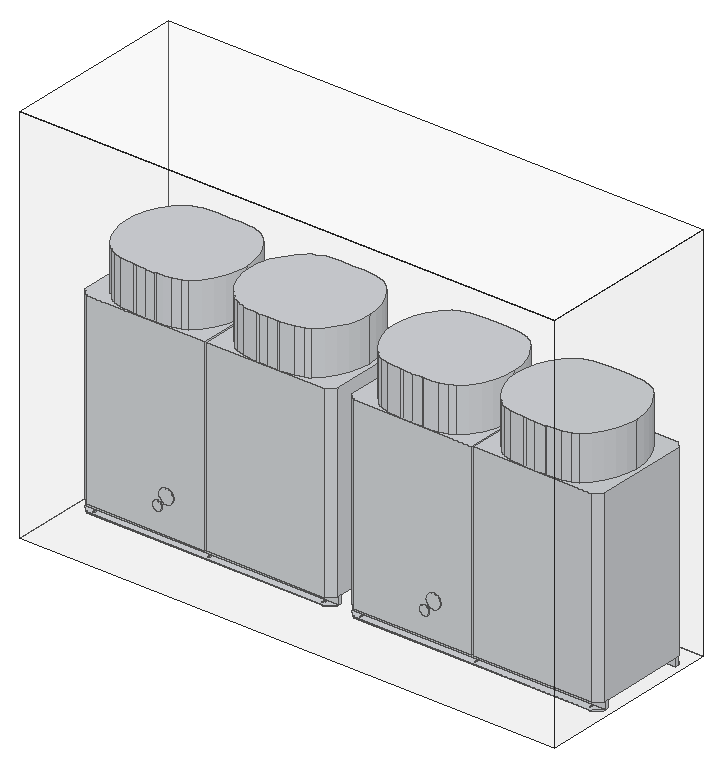
Revit family "pury-sep224_500(s)dmg9_60Hz", category 機械設備, Revit 2019
Family settings
  丸型コネクタ寸法 = 直径を使用
  パーツ タイプ = 標準
  OmniClass 番号 = 23.75.10.24.21.27.27
  OmniClass タイトル = Split System Air Conditioning Units
  作業面ベース = いいえ
  常に垂直 = はい
  ロード時にボイドで切り取り = いいえ
  共有 = いいえ
  部屋計算ポイント = いいえ
Parameters (values of type "PURY-SEP560SDMG9_タイプB")
  風量（m3／min） = 640
  風量 = MAX風量  # 38400.0 m³/h
  音響パワーレベル(dB) = 84.5
  電源種別 = ""
  電源位置2Y（ユニット3） = 121 mm
  電源位置2Y（ユニット2） = 121 mm
  電源位置2Y（ユニット1） = 121 mm
  電源位置2X（ユニット3） = 516 mm
  電源位置2X（ユニット2） = 516 mm
  電源位置2X（ユニット1） = 516 mm
  電源位置1Z（ユニット3） = 217 mm
  電源位置1Z（ユニット2） = 217 mm
  電源位置1Z（ユニット1） = 217 mm
  電源位置1X（ユニット3） = 541 mm
  電源位置1X（ユニット2） = 541 mm
  電源位置1X（ユニット1） = 541 mm
  電圧 = 200 V
  電動機出力_送風機 = 3.68 kW
  電動機出力_圧縮機 = 12 kW
  集中コントローラ [instance] = ""
  運転質量 = 0.00 kg
  運転方法 = "冷暖同時"
  質量 = if(製品質量 > 運転質量, 製品質量, 運転質量) * 1.2  # 758.40 kg
  負荷分類 = 1_熱源類
  説明 = "ビル用マルチエアコン 室外ユニット シティマルチR2 GR 高効率EX 高COP仕様"
  設計暖房能力 [instance] = 0 kW
  設計冷房能力_顕熱 [instance] = 0 kW
  設計冷房能力 [instance] = 0 kW
  設置方法 = "床置形"
  記号 [instance] = ""
  製造元 = "三菱電機株式会社"
  製品質量 = 632.00 kg
  製品出荷対象 = "国内"
  製品リリース年月 = "2024/4/26"
  製品グループ = ""
  系統 [instance] = ""
  符号 = "EHP"
  積算_科目 = "1 空気調和設備"
  積算_拾い区分 [instance] = ""
  相 = 3
  盤記号 [instance] = ""
  発停方法 = "付属スイッチ"
  特殊仕様 [instance] = ""
  消費電力_暖房 = 16.8 kW
  消費電力_冷房 = 17.5 kW
  消費電力 = if(消費電力_冷房 > 消費電力_暖房, 消費電力_冷房, 消費電力_暖房)  # 17.5 kW
  法定耐用年数 = "15"
  極数 = 3
  材質 [instance] = ""
  本体マテリアル = none
  最小電線太さ_mm2 = 100
  最大電流値 = 104.7 A
  暖房能力 = 63 kW
  推奨ブレーカー容量 = 125 A
  据付ピッチ1 = 0 mm
  形式 = "マルチパッケージ形 室外機"
  幹線記号 [instance] = ""
  始動方式 = ""
  呼称 = "マルチパッケージ形空気調和機"
  周波数 = 60 Hz
  参照している仕様書等のバージョン = "公共建築工事標準仕様書（機械設備工事編）平成31年度版"
  分類コード = "50053003300020"
  分類グループ = ""
  冷房能力 = 56 kW
  冷媒管（液）位置2 (ユニット3) = 146 mm
  冷媒管（液）位置2 (ユニット2) = 146 mm
  冷媒管（液）位置1 (ユニット3） = 533 mm
  冷媒管（ガス）位置2 (ユニット3) = 146 mm
  冷媒管（ガス）位置2 (ユニット2) = 146 mm
  冷媒管（ガス）位置1 (ユニット3) = 140 mm
  冷媒管（ガス）位置1 (ユニット1) = 140 mm
  冷媒管（液）位置1 (ユニット1) = 533 mm
  冷媒管（液）位置2 (ユニット1) = 146 mm
  冷媒管（ガス）位置2 (ユニット1) = 146 mm
  冷媒管（ガス）位置1 (ユニット2) = 140 mm
  冷媒管（液）位置1 (ユニット2） = 533 mm
  冷媒管長 [instance] = 0 mm
  冷媒管径符号 = "Fh"
  冷媒管径3 = 100.00 mm
  冷媒管径2 = 100.00 mm
  冷媒管径 = 100.00 mm
  冷媒管位置3 (ユニット3) = 294.5 mm
  冷媒管位置3 (ユニット2) = 294.5 mm
  冷媒管位置3 (ユニット1) = 294.5 mm
  冷媒管位置2 (ユニット3) = 146 mm
  冷媒管位置2 (ユニット2) = 146 mm
  冷媒管位置1 (ユニット2) = 603 mm
  冷媒管位置2 (ユニット1) = 146 mm
  冷媒管位置1 (ユニット3) = 603 mm
  冷媒管位置1 (ユニット1) = 603 mm
  冷媒液管径3 = 19.05 mm
  冷媒液管径2 = 19.05 mm
  冷媒液管径 = 19.05 mm
  冷媒ガス管径3 = 22.20 mm
  冷媒ガス管径2 = 22.20 mm
  冷媒ガス管径 = 22.20 mm
  企業コード = "108420"
  付属品 [instance] = ""
  仕様書バージョン = "Version1.0"
  ユニット隙間 = if(サービススペース_タイプA, 30 mm, 100 mm)  # 100 mm
  ユニット数 = 2
  ユニットタイプ3 = 筐体モジュール.（R2高効率） : 280K筐体
  ユニットタイプ2 = 筐体モジュール.（R2高効率） : 280K筐体
  ユニットタイプ1 = 筐体モジュール.（R2高効率） : 280K筐体
  ユニット3_S = no
  ユニット3_L = no
  ユニット3 = no
  ユニット2_S = no
  ユニット2_L = no
  ユニット2 = yes
  ユニット1_S = no
  ユニット1_L = no
  モデル = "PURY-SEP560SDMG9"
  ドレン管径 = 0.00 mm
  サービススペース_タイプA = no
  サービススペース = yes
  コメント [instance] = ""
  ケーブル種類 = ""
  ケーブルサイズ = 0 mm
  アンカーボルト位置Y（ユニット3） = 681 mm
  アンカーボルト位置Y（ユニット2） = 681 mm
  アンカーボルト位置Y（ユニット1） = 681 mm
  アンカーボルト位置X（ユニット3） = 795 mm
  アンカーボルト位置X（ユニット2） = 795 mm
  アンカーボルト位置X（ユニット1） = 795 mm
  Width3 = 1750 mm
  Width2 = 1750 mm
  Width1 = 1750 mm
  Width = if(ユニット3, Width1 + Width2 + Width3 + 2 * ユニット隙間, if(ユニット2, Width1 + Width2 + 1 * ユニット隙間, Width1))  # 3600 mm
  Version = ""
  Uniclass2015Version = "Systems v1.9"
  Uniclass2015Title = "Split coil remote air cooled condensing units"
  Uniclass2015Code = "Pr_70_65_03_84"
  URL = "https://www.mitsubishielectric.co.jp/ldg/wink/qr/002/331972/"
  SpecificationReference = ""
  SpecificationDescription = ""
  Revision = ""
  ProductInformation = ""
  OmniClassCode = "23-75 10 24 21 27 27"
  OUTLINE2 = outline : outline_XL
  OUTLINE1 = outline : outline_XL
  MAX風量 = 風量（m3／min） * 60.0 m³/h  # 38400.0 m³/h
  IfcTypeProduct = ""
  IfcProduct = ""
  IfcExportType = "AIRCONDITIONINGUNIT"
  IfcExportAs = "IfcUnitaryEquipmentType"
  Height = 1650 mm
  Depth = 740 mm
  Clearance Top [instance] = if(サービススペース_タイプA, 1000 mm, 1000 mm)  # 1000 mm
  Clearance Right [instance] = if(サービススペース_タイプA, 15 mm, 50 mm)  # 50 mm
  Clearance Left [instance] = if(サービススペース_タイプA, 15 mm, 50 mm)  # 50 mm
  Clearance Front [instance] = if(サービススペース_タイプA, 450 mm, 450 mm)  # 450 mm
  Clearance Back [instance] = if(サービススペース_タイプA, 300 mm, 100 mm)  # 100 mm
  COP = 0
  Author = "三菱電機株式会社"
  APF = 0
Reference planes
  plane 1 "中心(正面/背面)": y = 0
  plane 2: z = 0
  plane 3 "中心(左/右)": x = 890
  plane 4 "右": x = 2690
  plane 5 "左": x = -910
  plane 6 "背面": y = 370
  plane 7 "正面": y = -370
  plane 8: z = 1347
  plane 9 "上部": z = 1650
  plane 10 "Clearanse Top": z = 2650
  plane 11: x = -2157
  plane 12 "冷媒操作弁ガス芯2": y = -224
  plane 13 "冷媒操作弁液芯2": y = -224
  plane 14 "SS_back": y = 470
  plane 15 "SS_front": y = -820
  plane 16 "SS_left": x = -960
  plane 17 "SS_right": x = 2740
  plane 18: x = -1010
  plane 19: x = -910
  plane 20: x = 840
  plane 21: x = 940
  plane 22: x = -2760
  plane 23: x = -307
  plane 24: x = 1543
  plane 25: x = -1885
  plane 26: x = -35
  plane 27: x = 1815
  plane 28: z = 53
  plane 29: z = 294.5
  plane 30: y = -224
  plane 31: z = 54
  plane 32: z = 294.5
  plane 33: z = 294.5
  plane 34: x = 1456
  plane 35: x = 1481
  plane 36: x = -394
  plane 37: x = -369
  plane 38: y = -249
  plane 39: y = -249
  plane 40: y = -249
  plane 41: z = 217
  plane 42: z = 217
  plane 43: z = 217
  plane 44: through (-234.102, -234.715, 1200) normal (0.7071, 0.7071, 0)
Forms (mm)
  Extrusion 1, solid, detail levels fine
    sketch origin (0, -370, 0) x (1, 0, 0) y (0, 0, 1)
      loop
        circle (1543, 294.5) r 50
    from 0 to 1
  Extrusion 2, solid, visible <- "ユニット2", detail levels fine
    sketch origin (0, -370, 0) x (1, 0, 0) y (0, 0, 1)
      loop
        circle (-307, 294.5) r 50
    from 0 to 1
  Extrusion 3, solid, detail levels fine
    sketch origin (-1437.329, -1524, 54) x (-1, 0, 0) y (0, -1, 0)
      loop
        circle (-2980.329, -1300) r 50
    from 0 to -1
  Extrusion 4, solid, visible <- "ユニット2", detail levels fine
    sketch origin (-1437.329, -1524, 54) x (-1, 0, 0) y (0, -1, 0)
      loop
        circle (-1130.329, -1300) r 50
    from 0 to -1
  Extrusion 5, solid, detail levels fine
    sketch origin (-1437.329, -1524, 54) x (-1, 0, 0) y (0, -1, 0)
      loop
        circle (-2893.329, -1275) r 32.5
    from -1 to 0
  Extrusion 6, solid, visible <- "ユニット2", detail levels fine
    sketch origin (-1437.329, -1524, 54) x (-1, 0, 0) y (0, -1, 0)
      loop
        circle (-1043.329, -1275) r 32.5
    from -1 to 0
  Extrusion 7, solid, detail levels fine
    sketch origin (0, -370, 0) x (1, 0, 0) y (0, 0, 1)
      loop
        circle (1481, 217) r 32.5
    from 0 to 1
  Extrusion 8, solid, visible <- "ユニット2", detail levels fine
    sketch origin (0, -370, 0) x (1, 0, 0) y (0, 0, 1)
      loop
        circle (-369, 217) r 32.5
    from 0 to 1
Lines and regions (mm)
  model lines, not visible
    curve 1: line (460, 178.667, 1289.179) -> (460, 297.73, 1289.179)
    curve 2: line (460, 178.667, 1056.056) -> (460, 178.667, 1289.179)
    curve 3: line (460, 297.73, 1056.056) -> (460, 178.667, 1056.056)
    curve 4: line (460, 297.73, 1289.179) -> (460, 297.73, 1056.056)
    curve 5: line (460, 47.598, 1289.179) -> (460, 166.661, 1289.179)
    curve 6: line (460, 47.598, 1056.056) -> (460, 47.598, 1289.179)
    curve 7: line (460, 166.661, 1056.056) -> (460, 47.598, 1056.056)
    curve 8: line (460, 166.661, 1289.179) -> (460, 166.661, 1056.056)
    curve 9: line (460, -83.471, 1289.179) -> (460, 35.592, 1289.179)
    curve 10: line (460, -83.471, 1056.056) -> (460, -83.471, 1289.179)
    curve 11: line (460, 35.592, 1056.056) -> (460, -83.471, 1056.056)
    curve 12: line (460, 35.592, 1289.179) -> (460, 35.592, 1056.056)
    curve 13: line (460, -150.779, 1289.179) -> (460, -95.75, 1289.179)
    curve 14: line (460, -150.779, 1056.056) -> (460, -150.779, 1289.179)
    curve 15: line (460, -95.75, 1056.056) -> (460, -150.779, 1056.056)
    curve 16: line (460, -95.75, 1289.179) -> (460, -95.75, 1056.056)
    curve 17: line (460, -150.779, 1283.175) -> (460, -132.596, 1283.175)
    curve 18: line (460, -150.779, 1062.059) -> (460, -150.779, 1283.175)
    curve 19: line (460, -132.596, 1062.059) -> (460, -150.779, 1062.059)
    curve 20: line (460, -132.596, 1283.175) -> (460, -132.596, 1062.059)
    curve 21: line (460, 178.667, 1046.051) -> (460, 297.73, 1046.051)
    curve 22: line (460, 178.667, 812.928) -> (460, 178.667, 1046.051)
    curve 23: line (460, 297.73, 812.928) -> (460, 178.667, 812.928)
    curve 24: line (460, 297.73, 1046.051) -> (460, 297.73, 812.928)
    curve 25: line (460, 47.598, 1046.051) -> (460, 166.661, 1046.051)
    curve 26: line (460, 47.598, 812.928) -> (460, 47.598, 1046.051)
    curve 27: line (460, 166.661, 812.928) -> (460, 47.598, 812.928)
    curve 28: line (460, 166.661, 1046.051) -> (460, 166.661, 812.928)
    curve 29: line (460, -83.471, 1046.051) -> (460, 35.592, 1046.051)
    curve 30: line (460, -83.471, 812.928) -> (460, -83.471, 1046.051)
    curve 31: line (460, 35.592, 812.928) -> (460, -83.471, 812.928)
    curve 32: line (460, 35.592, 1046.051) -> (460, 35.592, 812.928)
    curve 33: line (460, -150.779, 1046.051) -> (460, -95.75, 1046.051)
    curve 34: line (460, -150.779, 812.928) -> (460, -150.779, 1046.051)
    curve 35: line (460, -95.75, 812.928) -> (460, -150.779, 812.928)
    curve 36: line (460, -95.75, 1046.051) -> (460, -95.75, 812.928)
    curve 37: line (460, -150.779, 1040.048) -> (460, -132.596, 1040.048)
    curve 38: line (460, -150.779, 818.931) -> (460, -150.779, 1040.048)
    curve 39: line (460, -132.596, 818.931) -> (460, -150.779, 818.931)
    curve 40: line (460, -132.596, 1040.048) -> (460, -132.596, 818.931)
    curve 41: line (460, 178.667, 802.923) -> (460, 297.73, 802.923)
    curve 42: line (460, 178.667, 569.8) -> (460, 178.667, 802.923)
    curve 43: line (460, 297.73, 569.8) -> (460, 178.667, 569.8)
    curve 44: line (460, 297.73, 802.923) -> (460, 297.73, 569.8)
    curve 45: line (460, 47.598, 802.923) -> (460, 166.661, 802.923)
    curve 46: line (460, 47.598, 569.8) -> (460, 47.598, 802.923)
    curve 47: line (460, 166.661, 569.8) -> (460, 47.598, 569.8)
    curve 48: line (460, 166.661, 802.923) -> (460, 166.661, 569.8)
    curve 49: line (460, -83.471, 802.923) -> (460, 35.592, 802.923)
    curve 50: line (460, -83.471, 569.8) -> (460, -83.471, 802.923)
    curve 51: line (460, 35.592, 569.8) -> (460, -83.471, 569.8)
    curve 52: line (460, 35.592, 802.923) -> (460, 35.592, 569.8)
    curve 53: line (460, -150.779, 802.923) -> (460, -95.75, 802.923)
    curve 54: line (460, -150.779, 569.8) -> (460, -150.779, 802.923)
    curve 55: line (460, -95.75, 569.8) -> (460, -150.779, 569.8)
    curve 56: line (460, -95.75, 802.923) -> (460, -95.75, 569.8)
    curve 57: line (460, -150.779, 796.92) -> (460, -132.596, 796.92)
    curve 58: line (460, -150.779, 575.803) -> (460, -150.779, 796.92)
    curve 59: line (460, -132.596, 575.803) -> (460, -150.779, 575.803)
    curve 60: line (460, -132.596, 796.92) -> (460, -132.596, 575.803)
    curve 61: line (460, 178.667, 559.795) -> (460, 297.73, 559.795)
    curve 62: line (460, 178.667, 326.672) -> (460, 178.667, 559.795)
    curve 63: line (460, 297.73, 326.672) -> (460, 178.667, 326.672)
    curve 64: line (460, 297.73, 559.795) -> (460, 297.73, 326.672)
    curve 65: line (460, 47.598, 559.795) -> (460, 166.661, 559.795)
    curve 66: line (460, 47.598, 326.672) -> (460, 47.598, 559.795)
    curve 67: line (460, 166.661, 326.672) -> (460, 47.598, 326.672)
    curve 68: line (460, 166.661, 559.795) -> (460, 166.661, 326.672)
    curve 69: line (460, -83.471, 559.795) -> (460, 35.592, 559.795)
    curve 70: line (460, -83.471, 326.672) -> (460, -83.471, 559.795)
    curve 71: line (460, 35.592, 326.672) -> (460, -83.471, 326.672)
    curve 72: line (460, 35.592, 559.795) -> (460, 35.592, 326.672)
    curve 73: line (460, -150.779, 559.795) -> (460, -95.75, 559.795)
    curve 74: line (460, -150.779, 326.672) -> (460, -150.779, 559.795)
    curve 75: line (460, -95.75, 326.672) -> (460, -150.779, 326.672)
    curve 76: line (460, -95.75, 559.795) -> (460, -95.75, 326.672)
    curve 77: line (460, -150.779, 553.792) -> (460, -132.596, 553.792)
    curve 78: line (460, -150.779, 332.675) -> (460, -150.779, 553.792)
    curve 79: line (460, -132.596, 332.675) -> (460, -150.779, 332.675)
    curve 80: line (460, -132.596, 553.792) -> (460, -132.596, 332.675)
    curve 81: line (460, 178.667, 316.667) -> (460, 297.73, 316.667)
    curve 82: line (460, 178.667, 83.544) -> (460, 178.667, 316.667)
    curve 83: line (460, 297.73, 83.544) -> (460, 178.667, 83.544)
    curve 84: line (460, 297.73, 316.667) -> (460, 297.73, 83.544)
    curve 85: line (460, 47.598, 316.667) -> (460, 166.661, 316.667)
    curve 86: line (460, 47.598, 83.544) -> (460, 47.598, 316.667)
    curve 87: line (460, 166.661, 83.544) -> (460, 47.598, 83.544)
    curve 88: line (460, 166.661, 316.667) -> (460, 166.661, 83.544)
    curve 89: line (460, -83.471, 316.667) -> (460, 35.592, 316.667)
    curve 90: line (460, -83.471, 83.544) -> (460, -83.471, 316.667)
    curve 91: line (460, 35.592, 83.544) -> (460, -83.471, 83.544)
    curve 92: line (460, 35.592, 316.667) -> (460, 35.592, 83.544)
    curve 93: line (460, -150.779, 316.667) -> (460, -95.75, 316.667)
    curve 94: line (460, -150.779, 83.544) -> (460, -150.779, 316.667)
    curve 95: line (460, -95.75, 83.544) -> (460, -150.779, 83.544)
    curve 96: line (460, -95.75, 316.667) -> (460, -95.75, 83.544)
    curve 97: line (460, -150.779, 310.664) -> (460, -132.596, 310.664)
    curve 98: line (460, -150.779, 89.547) -> (460, -150.779, 310.664)
    curve 99: line (460, -132.596, 89.547) -> (460, -150.779, 89.547)
    curve 100: line (460, -132.596, 310.664) -> (460, -132.596, 89.547)
Dimensions and locks
  plane 8 to level = 1347 mm
  equal spacing: plane 7 "正面", plane 1 "中心(正面/背面)", plane 6 "背面", locked at 370 each
  "Depth": plane 7 "正面" to plane 6 "背面"
  "Width": plane 5 "左" to plane 4 "右"
  equal spacing: plane 5 "左", plane 3 "中心(左/右)", plane 4 "右"
  "冷媒管位置2 (ユニット3)": plane 7 "正面" to plane 13 "冷媒操作弁液芯2"
  "冷媒管位置2 (ユニット2)": plane 7 "正面" to plane 12 "冷媒操作弁ガス芯2"
  "Clearance Left": plane 16 "SS_left" to plane 5 "左"
  "Clearance Right": plane 4 "右" to plane 17 "SS_right"
  "Clearance Back": plane 6 "背面" to plane 14 "SS_back"
  "Clearance Front": plane 15 "SS_front" to plane 7 "正面"
  "Clearance Top": plane 10 "Clearanse Top" to plane 9 "上部"
  "Height": plane 9 "上部" to plane 2
  plane 9 "上部" to plane 8 = 303 mm
  "ユニット隙間": plane 18 to plane 19
  "Width2": plane 19 to plane 20
  "ユニット隙間": plane 20 to plane 21
  "Width3": plane 22 to plane 18
  "Width1": plane 21 to plane 4 "右"
  "冷媒管位置1 (ユニット2)": plane 19 to plane 23
  "冷媒管位置1 (ユニット1)": plane 21 to plane 24
  "冷媒管位置1 (ユニット3)": plane 22 to plane 11
  equal spacing: plane 22, plane 25, plane 18
  equal spacing: plane 19, plane 26, plane 20
  equal spacing: plane 21, plane 27, plane 4 "右"
  "冷媒管位置2 (ユニット1)": plane 7 "正面" to plane 30
  plane 31 to level = 54 mm
  "冷媒管位置3 (ユニット1)": plane 29 to level
  locked: plane 31 to plane 28 at 1
  "冷媒管位置3 (ユニット2)": plane 32 to level
  "冷媒管位置3 (ユニット3)": plane 33 to level
  "電源位置2X（ユニット2）": plane 19 to plane 36
  "電源位置2X（ユニット1）": plane 21 to plane 34
  "電源位置2Y（ユニット1）": plane 7 "正面" to plane 38
  "電源位置2Y（ユニット2）": plane 7 "正面" to plane 39
  "電源位置2Y（ユニット3）": plane 7 "正面" to plane 40
  "電源位置1X（ユニット1）": plane 35 to plane 21
  "電源位置1X（ユニット2）": plane 37 to plane 19
  "電源位置1Z（ユニット1）": plane 43 to level
  "電源位置1Z（ユニット2）": plane 42 to level
  "電源位置1Z（ユニット3）": plane 41 to level
  "冷媒管径": diameter of Extrusion 1 sketch curve
  "冷媒管径2": diameter of Extrusion 2 sketch curve
  "冷媒管径": diameter of Extrusion 3 sketch curve
  "冷媒管径2": diameter of Extrusion 4 sketch curve
  radius of Extrusion 5 sketch curve = 32.5 mm
  radius of Extrusion 6 sketch curve = 32.5 mm
  radius of Extrusion 7 sketch curve = 32.5 mm
  aligned and locked: level to plane 2
  aligned and locked: plane 14 "SS_back" to nested 1  (x2)
  aligned and locked: plane 17 "SS_right" to nested 1
  aligned and locked: plane 16 "SS_left" to nested 1  (x2)
  aligned and locked: nested 1 to plane 17 "SS_right"
  aligned and locked: plane 15 "SS_front" to nested 1
  aligned and locked: nested 2 to plane 1 "中心(正面/背面)"
  aligned and locked: plane 10 "Clearanse Top" to nested 1
  aligned and locked: nested 1 to plane 2
  aligned and locked: plane 25 to nested 2
  aligned and locked: plane 29 to Extrusion 1 sketch curve
  aligned and locked: plane 24 to Extrusion 1 sketch curve
  aligned and locked: plane 23 to Extrusion 2 sketch curve
  aligned and locked: plane 30 to Extrusion 3 sketch curve
  aligned and locked: plane 24 to Extrusion 3 sketch curve
  aligned and locked: plane 12 "冷媒操作弁ガス芯2" to Extrusion 4 sketch curve
  aligned and locked: plane 23 to Extrusion 4 sketch curve
  aligned and locked: plane 32 to Extrusion 2 sketch curve
  aligned and locked: plane 34 to Extrusion 5 sketch curve
  aligned and locked: plane 38 to Extrusion 5 sketch curve
  aligned and locked: plane 31 to Extrusion 5
  aligned and locked: Extrusion 5 to plane 28
  aligned and locked: plane 36 to Extrusion 6 sketch curve
  aligned and locked: plane 39 to Extrusion 6 sketch curve
  aligned and locked: plane 31 to Extrusion 6
  aligned and locked: Extrusion 6 to plane 28
  aligned and locked: plane 35 to Extrusion 7 sketch curve
  aligned and locked: plane 43 to Extrusion 7 sketch curve
  aligned and locked: plane 42 to Extrusion 8 sketch curve
  aligned and locked: plane 37 to Extrusion 8 sketch curve
  aligned and locked: Extrusion 8 to plane 7 "正面"
  aligned and locked: Extrusion 7 to plane 7 "正面"
  aligned and locked: Extrusion 8 to Extrusion 2
  aligned and locked: Extrusion 7 to Extrusion 1
  aligned and locked: plane 26 to nested 4
  aligned and locked: plane 27 to nested 5
  aligned and locked: plane 27 to nested 3
  aligned and locked: plane 26 to nested 6
  aligned and locked: plane 1 "中心(正面/背面)" to nested 6
Automatic sketch dimensions
  radius of Extrusion 8 sketch curve = 32.5 mm
Nested families
  nested 1: "サービススペース" at (890, -175, 1325), visible <- "サービススペース", type "サービススペース"
    with Width 3700 mm, Height 2650 mm, Depth 1290 mm
  nested 2: "筐体モジュール.（R2高効率）" at (-1885, 0, 0), 冷媒ガス管径 <- "冷媒ガス管径3", 冷媒液管径 <- "冷媒液管径3", Width <- "Width3", Depth <- "Depth", Height <- "Height", type <- "ユニットタイプ3", 冷媒ガス_X <- "冷媒管（ガス）位置1 (ユニット3)", 冷媒ガス_Y <- "冷媒管（ガス）位置2 (ユニット3)", 冷媒液_X <- "冷媒管（液）位置1 (ユニット3）", 冷媒液_Y <- "冷媒管（液）位置2 (ユニット3)", 冷媒管径 <- "冷媒管径3", 冷媒管径_X <- "冷媒管位置1 (ユニット3)", 冷媒管径_Y <- "冷媒管位置2 (ユニット3)", 冷媒管径_Z <- "冷媒管位置3 (ユニット3)", ユニット2 <- "ユニット3", type "280K筐体"
    with 冷媒管径_Z 294.5 mm, 冷媒管径_Y 146 mm, 冷媒管径_X 603 mm, 冷媒管径 100 mm, 冷媒液管径 19.05 mm, 冷媒液_Z 327 mm, 冷媒液_Y 146 mm, 冷媒液_X 533 mm, 冷媒ガス管径 22.2 mm, 冷媒ガス_Z 262 mm, 冷媒ガス_Y 146 mm, 冷媒ガス_X 140 mm, ユニット4X no, ユニット2 no, Width 1750 mm, Height 1650 mm, Depth 740 mm
  nested 3: "筐体モジュール.（R2高効率）" at (1815, 0, 0), type <- "ユニットタイプ1", 冷媒管径_X <- "冷媒管位置1 (ユニット1)", Width <- "Width1", 冷媒ガス管径 <- "冷媒ガス管径", 冷媒液管径 <- "冷媒液管径", 冷媒液_X <- "冷媒管（液）位置1 (ユニット1)", type "280K筐体", detail levels fine
    with 冷媒管径_Z 294.5 mm, 冷媒管径_Y 146 mm, 冷媒管径_X 603 mm, 冷媒管径 100 mm, 冷媒液管径 19.05 mm, 冷媒液_Z 327 mm, 冷媒液_Y 146 mm, 冷媒液_X 533 mm, 冷媒ガス管径 22.2 mm, 冷媒ガス_Z 262 mm, 冷媒ガス_Y 146 mm, 冷媒ガス_X 140 mm, ユニット4X yes, ユニット2 yes, Width 1750 mm, Height 1650 mm, Depth 740 mm
  nested 4: "outline" at (-35, 0, 0), ユニット2 <- "ユニット2", type <- "OUTLINE2", type "outline_XL", detail levels coarse+medium
    with ユニット4X no, ユニット2 yes, Width 920 mm, Height 1650 mm, Depth 740 mm
  nested 5: "outline" at (1815, 0, 0), type <- "OUTLINE1", type "outline_XL", detail levels coarse+medium
    with ユニット4X no, ユニット2 yes, Width 1220 mm, Height 1650 mm, Depth 740 mm
  nested 6: "筐体モジュール.（R2高効率）" at (-35, 0, 0), type <- "ユニットタイプ2", ユニット2 <- "ユニット2", Width <- "Width2", 冷媒ガス管径 <- "冷媒ガス管径2", 冷媒液管径 <- "冷媒液管径2", 冷媒管径_X <- "冷媒管位置1 (ユニット2)", 冷媒液_X <- "冷媒管（液）位置1 (ユニット2）", type "280K筐体"
    with 冷媒管径_Z 294.5 mm, 冷媒管径_Y 146 mm, 冷媒管径_X 603 mm, 冷媒管径 100 mm, 冷媒液管径 19.05 mm, 冷媒液_Z 327 mm, 冷媒液_Y 146 mm, 冷媒液_X 533 mm, 冷媒ガス管径 22.2 mm, 冷媒ガス_Z 262 mm, 冷媒ガス_Y 146 mm, 冷媒ガス_X 140 mm, ユニット4X yes, ユニット2 yes, Width 1750 mm, Height 1650 mm, Depth 740 mm
Connectors
  piping at (1543, -224, 53), diameter 100, driven by "冷媒管径", driven by "冷媒管径符号"
    settings: on Extrusion 3, index 7, connector inside diameter 609.60 mm, connector length 0 mm, flow factor 0, pipe flow 0.0 L/s, pressure drop 0.0 Pa, fitting loss kfactor 0, connector angle 0.00°, fixture units 0, engagement length 0 mm, angle of deflection 0.00°, flow configuration 1, flow direction 2, fitting loss method 4, system type 7, joint type 0, gender type 0, connector reference index -1, connector utility 0, adjustable connector no, is connector primary yes, connector description "Fh"
  piping at (-307, -224, 53), diameter 100, driven by "冷媒管径2", driven by "冷媒管径符号"
    settings: on Extrusion 4, index 8, connector inside diameter 609.60 mm, connector length 0 mm, flow factor 0, pipe flow 0.0 L/s, pressure drop 0.0 Pa, fitting loss kfactor 0, connector angle 0.00°, fixture units 0, engagement length 0 mm, angle of deflection 0.00°, flow configuration 1, flow direction 2, fitting loss method 4, system type 7, joint type 0, gender type 0, connector reference index -1, connector utility 0, adjustable connector no, is connector primary no, connector description "Fh"
  piping at (-307, -371, 294.5), diameter 100, driven by "冷媒管径2", driven by "冷媒管径符号"
    settings: on Extrusion 2, index 10, connector inside diameter 609.60 mm, connector length 0 mm, flow factor 0, pipe flow 0.0 L/s, pressure drop 0.0 Pa, fitting loss kfactor 0, connector angle 0.00°, fixture units 0, engagement length 0 mm, angle of deflection 0.00°, flow configuration 1, flow direction 2, fitting loss method 4, system type 7, joint type 0, gender type 0, connector reference index -1, connector utility 0, adjustable connector no, is connector primary no, connector description "Fh"
  piping at (1543, -371, 294.5), diameter 100, driven by "冷媒管径", driven by "冷媒管径符号"
    settings: on Extrusion 1, index 11, connector inside diameter 609.60 mm, connector length 0 mm, flow factor 0, pipe flow 0.0 L/s, pressure drop 0.0 Pa, fitting loss kfactor 0, connector angle 0.00°, fixture units 0, engagement length 0 mm, angle of deflection 0.00°, flow configuration 1, flow direction 2, fitting loss method 4, system type 7, joint type 0, gender type 0, connector reference index -1, connector utility 0, adjustable connector no, is connector primary no, connector description "Fh"
  electrical at (-369, -371, 217), driven by "極数", driven by "負荷分類", driven by "電圧", driven by "消費電力"
    settings: on Extrusion 8, index 12, voltage 200 V, apparent load 17500 VA, apparent load phase1 0 VA, apparent load phase2 0 VA, apparent load phase3 0 VA, power factor 1, load classification "1_熱源類", number of poles 3, system type 30, power factor state 1, is connector primary yes, connector utility no, sub classification motor no, connector description ""
  electrical at (1481, -371, 217), driven by "極数", driven by "負荷分類", driven by "電圧", driven by "消費電力"
    settings: on Extrusion 7, index 13, voltage 200 V, apparent load 17500 VA, apparent load phase1 0 VA, apparent load phase2 0 VA, apparent load phase3 0 VA, power factor 1, load classification "1_熱源類", number of poles 3, system type 30, power factor state 1, is connector primary no, connector utility no, sub classification motor no, connector description ""
  electrical at (1456, -249, 53), driven by "極数", driven by "負荷分類", driven by "電圧", driven by "消費電力"
    settings: on Extrusion 5, index 14, voltage 200 V, apparent load 17500 VA, apparent load phase1 0 VA, apparent load phase2 0 VA, apparent load phase3 0 VA, power factor 1, load classification "1_熱源類", number of poles 3, system type 30, power factor state 1, is connector primary no, connector utility no, sub classification motor no, connector description ""
  electrical at (-394, -249, 53), driven by "極数", driven by "負荷分類", driven by "電圧", driven by "消費電力"
    settings: on Extrusion 6, index 15, voltage 200 V, apparent load 17500 VA, apparent load phase1 0 VA, apparent load phase2 0 VA, apparent load phase3 0 VA, power factor 1, load classification "1_熱源類", number of poles 3, system type 30, power factor state 1, is connector primary no, connector utility no, sub classification motor no, connector description ""
Definition of nested family "サービススペース"
  Parameters (values of type "サービススペース")
    Width [instance] = 500 mm
    Height [instance] = 500 mm
    Depth [instance] = 500 mm
  Reference planes
    plane 1 "中心(正面/背面)": y = 0
    plane 2: z = 0
    plane 3 "中心(左/右)": x = 0
    plane 4: y = -250
    plane 5: x = 250
    plane 6: y = 250
    plane 7: x = -250
    plane 8: z = 250
    plane 9: z = -250
  Forms (mm)
    Extrusion 1, solid
      sketch origin (-638.939, 0, 72.39) x (1, 0, 0) y (0, 1, 0)
        loop
          line (388.939, 250) -> (388.939, -250) -> (888.939, -250) -> (888.939, 250) -> (388.939, 250)
      from -322.39 to 177.61
  Lines and regions (mm)
    symbolic lines
      curve 1: line (-250, 0, 250) -> (250, 0, 250)
      curve 2: line (-250, 0, -250) -> (-250, 0, 250)
      curve 3: line (250, 0, -250) -> (-250, 0, -250)
      curve 4: line (250, 0, 250) -> (250, 0, -250)
      curve 5: line (0, -250, 250) -> (0, 250, 250)
      curve 6: line (0, -250, -250) -> (0, -250, 250)
      curve 7: line (0, 250, -250) -> (0, -250, -250)
      curve 8: line (0, 250, 250) -> (0, 250, -250)
      curve 9: line (-250, 250, 0) -> (250, 250, 0)
      curve 10: line (-250, -250, 0) -> (-250, 250, 0)
      curve 11: line (250, -250, 0) -> (-250, -250, 0)
      curve 12: line (250, 250, 0) -> (250, -250, 0)
  Dimensions and locks
    equal spacing: plane 7, plane 3 "中心(左/右)", plane 5
    equal spacing: plane 4, plane 1 "中心(正面/背面)", plane 6
    "Depth": plane 4 to plane 6
    "Width": plane 7 to plane 5
    equal spacing: plane 8, plane 2, plane 9
    "Height": plane 8 to plane 9
    aligned and locked: plane 9 to curve 3
    aligned and locked: plane 7 to curve 2
    aligned and locked: curve 4 to plane 5
    aligned and locked: plane 5 to Extrusion 1
    aligned and locked: Extrusion 1 to plane 7
    aligned and locked: Extrusion 1 to plane 9
    aligned and locked: plane 8 to Extrusion 1
    aligned and locked: plane 9 to curve 7
  Automatic sketch dimensions
    plane 4 to Extrusion 1 sketch curve = 0 mm
    Extrusion 1 sketch curve to plane 7 = 0 mm
    Extrusion 1 sketch curve to plane 5 = 0 mm
    plane 6 to Extrusion 1 sketch curve = 0 mm
    curve 2 to plane 8 = 0 mm
    plane 4 to curve 11 = 0 mm
    curve 11 to plane 7 = 0 mm
    curve 11 to plane 5 = 0 mm
    plane 6 to curve 10 = 0 mm
    curve 7 to plane 4 = 0 mm
    curve 7 to plane 6 = 0 mm
    curve 6 to plane 8 = 0 mm
Definition of nested family "筐体モジュール.（R2高効率）"
  Parameters (values of type "280K筐体")
    冷媒管径_Z [instance] = 294.5 mm
    冷媒管径_Y [instance] = 146 mm
    冷媒管径_X [instance] = 603 mm
    冷媒管径 [instance] = 100 mm
    冷媒液管径 [instance] = 22.2 mm
    冷媒液_Z [instance] = 327 mm
    冷媒液_Y [instance] = 146 mm
    冷媒液_X [instance] = 533 mm
    冷媒ガス管径 [instance] = 28.58 mm
    冷媒ガス_Z [instance] = 262 mm
    冷媒ガス_Y [instance] = 146 mm
    冷媒ガス_X [instance] = 140 mm
    ユニット4X [instance] = and(ユニット2, Width = 1750 mm)  # yes
    ユニット2 [instance] = yes
    Width [instance] = 1750 mm
    W = 1750 mm
    Height [instance] = 1650 mm
    Depth [instance] = 740 mm
  Reference planes
    plane 1 "中心(正面/背面)": y = 0
    plane 2: z = 0
    plane 3 "中心(左/右)": x = 0
    plane 4: y = -370
    plane 5: y = 370
    plane 6: x = -875
    plane 7: z = 1347
    plane 8: z = 1650
    plane 9: y = -313
    plane 10: y = -293
    plane 11 "本体下部": z = 54
    plane 12: y = 370
    plane 13: y = 313
    plane 14: y = 293
    plane 15: y = 340.5
    plane 16: x = -795
    plane 17: y = -340.5
    plane 18 "電源高さ": z = 327
    plane 19 "冷媒管高さ": z = 294.5
    plane 20 "冷媒操作弁ガス芯4": z = 53
    plane 21: x = 875
    plane 22: x = -875
    plane 23: x = 875
    plane 24: x = -342
    plane 25: x = -272
    plane 26: x = -202
    plane 27: y = -224
    plane 28: y = -224
    plane 29: y = -224
    plane 30: z = 262
    plane 31: x = 795
  Forms (mm)
    Extrusion 1, solid, visible <- "ユニット4X", detail levels fine
      sketch origin (-460, 0, 0) x (1, 0, 0) y (0, 1, 0)
        loop
          line (-415, -320.583) -> (-365.583, -370) -> (455.244, -370) -> (455.244, 370) -> (-365.831, 370) -> (-415, 320.831) -> (-415, -320.583)
        loop
          line (464.756, 370) -> (464.756, -370) -> (1285.583, -370) -> (1335, -320.583) -> (1335, 320.831) -> (1285.831, 370) -> (464.756, 370)
      from 54 to 1347
    Extrusion 2, solid, visible <- "ユニット4X", detail levels fine
      sketch origin (-460, 0, 0) x (1, 0, 0) y (0, 1, 0)
        loop
          line (-415, -293) -> (-415, -313) -> (1335, -313) -> (1335, -293) -> (-415, -293)
      from 0 to 54
    Extrusion 3, solid, visible <- "ユニット4X", detail levels fine
      sketch origin (-460, 0, 0) x (1, 0, 0) y (0, 1, 0)
        loop
          line (-415, 293) -> (1335, 293) -> (1335, 313) -> (-415, 313) -> (-415, 293)
      from 0 to 54
    Extrusion 4, solid, visible <- "ユニット4X", detail levels fine
      sketch origin (-460, 0, 0) x (1, 0, 0) y (0, 1, 0)
        loop
          line (-415, -313) -> (-415, -320.583) -> (-365.583, -370) -> (1285.583, -370) -> (1335, -320.583) -> (1335, -313) -> (-415, -313)
        loop
          line (-328, -343.5) -> (-328, -337.5)
          arc (-328, -337.5) -> (-335, -330.5) -> (-342, -337.5) r 7
          line (-342, -337.5) -> (-342, -343.5)
          arc (-342, -343.5) -> (-335, -350.5) -> (-328, -343.5) r 7
        loop
          arc (1248, -343.5) -> (1255, -350.5) -> (1262, -343.5) r 7
          line (1262, -343.5) -> (1262, -337.5)
          arc (1262, -337.5) -> (1255, -330.5) -> (1248, -337.5) r 7
          line (1248, -337.5) -> (1248, -343.5)
        loop
          line (467, -343.5) -> (467, -337.5)
          arc (467, -337.5) -> (460, -330.5) -> (453, -337.5) r 7
          line (453, -337.5) -> (453, -343.5)
          arc (453, -343.5) -> (460, -350.5) -> (467, -343.5) r 7
      from 0 to 2
    Extrusion 5, solid, visible <- "ユニット4X", detail levels fine
      sketch origin (-759.5, 0, -2.5) x (1, 0, 0) y (0, 0, 1)
        loop
          circle (487.5, 297) r 50
      from 370 to 371
    Extrusion 6, solid, visible <- "ユニット4X", detail levels fine
      sketch origin (-460, 0, 0) x (1, 0, 0) y (0, 1, 0)
        loop
          circle (188, -224) r 50
      from 53 to 54
    Extrusion 7, solid, visible <- "ユニット4X", detail levels fine
      sketch origin (-460, 0, 0) x (1, 0, 0) y (0, 1, 0)
        loop
          circle (118, -224) r 11.1
      from 53 to 54
    Extrusion 8, solid, visible <- "ユニット4X", detail levels fine
      sketch origin (-460, 0, 0) x (1, 0, 0) y (0, 1, 0)
        loop
          circle (258, -224) r 14.29
      from 53 to 54
    Extrusion 9, solid, visible <- "ユニット4X", detail levels fine
      sketch origin (-460, 0, 0) x (1, 0, 0) y (0, 1, 0)
        loop
          line (-415, 313) -> (1335, 313) -> (1335, 320.583) -> (1285.583, 370) -> (-365.583, 370) -> (-415, 320.583) -> (-415, 313)
        loop
          arc (-328, 343.5) -> (-335, 350.5) -> (-342, 343.5) r 7
          line (-342, 343.5) -> (-342, 337.5)
          arc (-342, 337.5) -> (-335, 330.5) -> (-328, 337.5) r 7
          line (-328, 337.5) -> (-328, 343.5)
        loop
          line (1248, 343.5) -> (1248, 337.5)
          arc (1248, 337.5) -> (1255, 330.5) -> (1262, 337.5) r 7
          line (1262, 337.5) -> (1262, 343.5)
          arc (1262, 343.5) -> (1255, 350.5) -> (1248, 343.5) r 7
        loop
          arc (467, 343.5) -> (460, 350.5) -> (453, 343.5) r 7
          line (453, 343.5) -> (453, 337.5)
          arc (453, 337.5) -> (460, 330.5) -> (467, 337.5) r 7
          line (467, 337.5) -> (467, 343.5)
      from 0 to 2
    Extrusion 10, solid, visible <- "ユニット4X", detail levels fine
      sketch origin (426.031, 0, 0) x (-1, 0, 0) y (0, -1, 0)
        loop
          arc (-268.081, -316.106) -> (-250.974, -327.516) -> (-232.369, -336.274) r 138.853
          arc (-232.369, -336.274) -> (-204.68, -346.28) -> (-176.163, -353.601) r 308.609
          arc (-176.163, -353.601) -> (-128.058, -361) -> (-79.445, -363.367) r 468.429
          line (-79.445, -363.367) -> (0, -363.367) -> (79.445, -363.367)
          arc (79.445, -363.367) -> (128.058, -361) -> (176.163, -353.601) r 468.429
          arc (176.163, -353.601) -> (204.68, -346.28) -> (232.369, -336.274) r 308.609
          arc (232.369, -336.274) -> (250.84, -327.278) -> (268.082, -316.106) r 168.924
          arc (268.082, -316.106) -> (376.101, -174.18) -> (414.476, 0) r 414.476
          arc (414.476, 0) -> (376.101, 174.18) -> (268.081, 316.106) r 414.476
          arc (268.081, 316.106) -> (250.84, 327.278) -> (232.369, 336.274) r 168.924
          arc (232.369, 336.274) -> (204.68, 346.28) -> (176.163, 353.601) r 308.609
          arc (176.163, 353.601) -> (128.058, 361) -> (79.445, 363.367) r 468.429
          arc (79.445, 363.367) -> (71.906, 363.425) -> (64.372, 363.142) r 167.153
          line (64.372, 363.142) -> (0, 363.142) -> (-64.372, 363.142)
          arc (-64.372, 363.142) -> (-71.906, 363.425) -> (-79.445, 363.367) r 167.153
          arc (-79.445, 363.367) -> (-128.058, 361) -> (-176.163, 353.601) r 468.429
          arc (-176.163, 353.601) -> (-204.68, 346.28) -> (-232.369, 336.274) r 308.609
          arc (-232.369, 336.274) -> (-250.84, 327.278) -> (-268.081, 316.106) r 168.924
          arc (-268.081, 316.106) -> (-376.101, 174.18) -> (-414.476, 0) r 414.476
          arc (-414.476, 0) -> (-376.101, -174.18) -> (-268.081, -316.106) r 414.476
      from 1347 to 1650
    Extrusion 11, solid, visible <- "ユニット4X", detail levels fine
      sketch origin (-426.031, 0, 0) x (1, 0, 0) y (0, 1, 0)
        loop
          arc (-268.081, 316.106) -> (-376.101, 174.18) -> (-414.476, 0) r 414.476
          arc (-414.476, 0) -> (-376.101, -174.18) -> (-268.081, -316.106) r 414.476
          arc (-268.081, -316.106) -> (-250.84, -327.278) -> (-232.369, -336.274) r 168.924
          arc (-232.369, -336.274) -> (-204.68, -346.28) -> (-176.163, -353.601) r 308.609
          arc (-176.163, -353.601) -> (-128.058, -361) -> (-79.445, -363.367) r 468.429
          arc (-79.445, -363.367) -> (-71.906, -363.425) -> (-64.372, -363.142) r 167.153
          line (-64.372, -363.142) -> (0, -363.142) -> (64.372, -363.142)
          arc (64.372, -363.142) -> (71.906, -363.425) -> (79.445, -363.367) r 167.153
          arc (79.445, -363.367) -> (129.328, -360.87) -> (178.663, -353.076) r 468.429
          arc (178.663, -353.076) -> (205.901, -345.901) -> (232.372, -336.274) r 308.61
          arc (232.372, -336.274) -> (251.312, -327.333) -> (268.992, -316.106) r 167.985
          arc (268.992, -316.106) -> (376.782, -174.112) -> (415.066, 0) r 415.066
          arc (415.066, 0) -> (376.782, 174.112) -> (268.992, 316.106) r 415.066
          arc (268.992, 316.106) -> (251.312, 327.333) -> (232.372, 336.274) r 167.985
          arc (232.372, 336.274) -> (205.901, 345.901) -> (178.663, 353.076) r 308.61
          arc (178.663, 353.076) -> (129.328, 360.87) -> (79.445, 363.367) r 468.429
          line (79.445, 363.367) -> (0, 363.367) -> (-79.445, 363.367)
          arc (-79.445, 363.367) -> (-128.058, 361) -> (-176.163, 353.601) r 468.429
          arc (-176.163, 353.601) -> (-204.68, 346.28) -> (-232.369, 336.274) r 308.609
          arc (-232.369, 336.274) -> (-250.974, 327.516) -> (-268.081, 316.106) r 138.853
      from 1347 to 1650
  Lines and regions (mm)
    Masking region 1, visible <- "ユニット4X", detail levels coarse+medium
      outline origin (0, 0, 0) x (1, 0, 0) y (0, 1, 0)
        loop
          line (-825.831, 370) -> (-875, 320.831) -> (-875, -320.583) -> (-825.583, -370) -> (825.583, -370) -> (875, -320.583) -> (875, 320.831) -> (825.831, 370) -> (-825.831, 370)
    model lines, visible <- "ユニット4X", detail levels fine
      curve 1: line (-875, 178.667, 1289.179) -> (-875, 297.73, 1289.179)
      curve 2: line (-875, 178.667, 1056.056) -> (-875, 178.667, 1289.179)
      curve 3: line (-875, 297.73, 1056.056) -> (-875, 178.667, 1056.056)
      curve 4: line (-875, 297.73, 1289.179) -> (-875, 297.73, 1056.056)
      curve 5: line (-875, 47.598, 1289.179) -> (-875, 166.661, 1289.179)
      curve 6: line (-875, 47.598, 1056.056) -> (-875, 47.598, 1289.179)
      curve 7: line (-875, 166.661, 1056.056) -> (-875, 47.598, 1056.056)
      curve 8: line (-875, 166.661, 1289.179) -> (-875, 166.661, 1056.056)
      curve 9: line (-875, -83.471, 1289.179) -> (-875, 35.592, 1289.179)
      curve 10: line (-875, -83.471, 1056.056) -> (-875, -83.471, 1289.179)
      curve 11: line (-875, 35.592, 1056.056) -> (-875, -83.471, 1056.056)
      curve 12: line (-875, 35.592, 1289.179) -> (-875, 35.592, 1056.056)
      curve 13: line (-875, -150.779, 1289.179) -> (-875, -95.75, 1289.179)
      curve 14: line (-875, -150.779, 1056.056) -> (-875, -150.779, 1289.179)
      curve 15: line (-875, -95.75, 1056.056) -> (-875, -150.779, 1056.056)
      curve 16: line (-875, -95.75, 1289.179) -> (-875, -95.75, 1056.056)
      curve 17: line (-875, -150.779, 1283.175) -> (-875, -132.596, 1283.175)
      curve 18: line (-875, -150.779, 1062.059) -> (-875, -150.779, 1283.175)
      curve 19: line (-875, -132.596, 1062.059) -> (-875, -150.779, 1062.059)
      curve 20: line (-875, -132.596, 1283.175) -> (-875, -132.596, 1062.059)
      curve 21: line (-875, 178.667, 1046.051) -> (-875, 297.73, 1046.051)
      curve 22: line (-875, 178.667, 812.928) -> (-875, 178.667, 1046.051)
      curve 23: line (-875, 297.73, 812.928) -> (-875, 178.667, 812.928)
      curve 24: line (-875, 297.73, 1046.051) -> (-875, 297.73, 812.928)
      curve 25: line (-875, 47.598, 1046.051) -> (-875, 166.661, 1046.051)
      curve 26: line (-875, 47.598, 812.928) -> (-875, 47.598, 1046.051)
      curve 27: line (-875, 166.661, 812.928) -> (-875, 47.598, 812.928)
      curve 28: line (-875, 166.661, 1046.051) -> (-875, 166.661, 812.928)
      curve 29: line (-875, -83.471, 1046.051) -> (-875, 35.592, 1046.051)
      curve 30: line (-875, -83.471, 812.928) -> (-875, -83.471, 1046.051)
      curve 31: line (-875, 35.592, 812.928) -> (-875, -83.471, 812.928)
      curve 32: line (-875, 35.592, 1046.051) -> (-875, 35.592, 812.928)
      curve 33: line (-875, -150.779, 1046.051) -> (-875, -95.75, 1046.051)
      curve 34: line (-875, -150.779, 812.928) -> (-875, -150.779, 1046.051)
      curve 35: line (-875, -95.75, 812.928) -> (-875, -150.779, 812.928)
      curve 36: line (-875, -95.75, 1046.051) -> (-875, -95.75, 812.928)
      curve 37: line (-875, -150.779, 1040.048) -> (-875, -132.596, 1040.048)
      curve 38: line (-875, -150.779, 818.931) -> (-875, -150.779, 1040.048)
      curve 39: line (-875, -132.596, 818.931) -> (-875, -150.779, 818.931)
      curve 40: line (-875, -132.596, 1040.048) -> (-875, -132.596, 818.931)
      curve 41: line (-875, 178.667, 802.923) -> (-875, 297.73, 802.923)
      curve 42: line (-875, 178.667, 569.8) -> (-875, 178.667, 802.923)
      curve 43: line (-875, 297.73, 569.8) -> (-875, 178.667, 569.8)
      curve 44: line (-875, 297.73, 802.923) -> (-875, 297.73, 569.8)
      curve 45: line (-875, 47.598, 802.923) -> (-875, 166.661, 802.923)
      curve 46: line (-875, 47.598, 569.8) -> (-875, 47.598, 802.923)
      curve 47: line (-875, 166.661, 569.8) -> (-875, 47.598, 569.8)
      curve 48: line (-875, 166.661, 802.923) -> (-875, 166.661, 569.8)
      curve 49: line (-875, -83.471, 802.923) -> (-875, 35.592, 802.923)
      curve 50: line (-875, -83.471, 569.8) -> (-875, -83.471, 802.923)
      curve 51: line (-875, 35.592, 569.8) -> (-875, -83.471, 569.8)
      curve 52: line (-875, 35.592, 802.923) -> (-875, 35.592, 569.8)
      curve 53: line (-875, -150.779, 802.923) -> (-875, -95.75, 802.923)
      curve 54: line (-875, -150.779, 569.8) -> (-875, -150.779, 802.923)
      curve 55: line (-875, -95.75, 569.8) -> (-875, -150.779, 569.8)
      curve 56: line (-875, -95.75, 802.923) -> (-875, -95.75, 569.8)
      curve 57: line (-875, -150.779, 796.92) -> (-875, -132.596, 796.92)
      curve 58: line (-875, -150.779, 575.803) -> (-875, -150.779, 796.92)
      curve 59: line (-875, -132.596, 575.803) -> (-875, -150.779, 575.803)
      curve 60: line (-875, -132.596, 796.92) -> (-875, -132.596, 575.803)
      curve 61: line (-875, 178.667, 559.795) -> (-875, 297.73, 559.795)
      curve 62: line (-875, 178.667, 326.672) -> (-875, 178.667, 559.795)
      curve 63: line (-875, 297.73, 326.672) -> (-875, 178.667, 326.672)
      curve 64: line (-875, 297.73, 559.795) -> (-875, 297.73, 326.672)
      curve 65: line (-875, 47.598, 559.795) -> (-875, 166.661, 559.795)
      curve 66: line (-875, 47.598, 326.672) -> (-875, 47.598, 559.795)
      curve 67: line (-875, 166.661, 326.672) -> (-875, 47.598, 326.672)
      curve 68: line (-875, 166.661, 559.795) -> (-875, 166.661, 326.672)
      curve 69: line (-875, -83.471, 559.795) -> (-875, 35.592, 559.795)
      curve 70: line (-875, -83.471, 326.672) -> (-875, -83.471, 559.795)
      curve 71: line (-875, 35.592, 326.672) -> (-875, -83.471, 326.672)
      curve 72: line (-875, 35.592, 559.795) -> (-875, 35.592, 326.672)
      curve 73: line (-875, -150.779, 559.795) -> (-875, -95.75, 559.795)
      curve 74: line (-875, -150.779, 326.672) -> (-875, -150.779, 559.795)
      curve 75: line (-875, -95.75, 326.672) -> (-875, -150.779, 326.672)
      curve 76: line (-875, -95.75, 559.795) -> (-875, -95.75, 326.672)
      curve 77: line (-875, -150.779, 553.792) -> (-875, -132.596, 553.792)
      curve 78: line (-875, -150.779, 332.675) -> (-875, -150.779, 553.792)
      curve 79: line (-875, -132.596, 332.675) -> (-875, -150.779, 332.675)
      curve 80: line (-875, -132.596, 553.792) -> (-875, -132.596, 332.675)
      curve 81: line (-875, 178.667, 316.667) -> (-875, 297.73, 316.667)
      curve 82: line (-875, 178.667, 83.544) -> (-875, 178.667, 316.667)
      curve 83: line (-875, 297.73, 83.544) -> (-875, 178.667, 83.544)
      curve 84: line (-875, 297.73, 316.667) -> (-875, 297.73, 83.544)
      curve 85: line (-875, 47.598, 316.667) -> (-875, 166.661, 316.667)
      curve 86: line (-875, 47.598, 83.544) -> (-875, 47.598, 316.667)
      curve 87: line (-875, 166.661, 83.544) -> (-875, 47.598, 83.544)
      curve 88: line (-875, 166.661, 316.667) -> (-875, 166.661, 83.544)
      curve 89: line (-875, -83.471, 316.667) -> (-875, 35.592, 316.667)
      curve 90: line (-875, -83.471, 83.544) -> (-875, -83.471, 316.667)
      curve 91: line (-875, 35.592, 83.544) -> (-875, -83.471, 83.544)
      curve 92: line (-875, 35.592, 316.667) -> (-875, 35.592, 83.544)
      curve 93: line (-875, -150.779, 316.667) -> (-875, -95.75, 316.667)
      curve 94: line (-875, -150.779, 83.544) -> (-875, -150.779, 316.667)
      curve 95: line (-875, -95.75, 83.544) -> (-875, -150.779, 83.544)
      curve 96: line (-875, -95.75, 316.667) -> (-875, -95.75, 83.544)
      curve 97: line (-875, -150.779, 310.664) -> (-875, -132.596, 310.664)
      curve 98: line (-875, -150.779, 89.547) -> (-875, -150.779, 310.664)
      curve 99: line (-875, -132.596, 89.547) -> (-875, -150.779, 89.547)
      curve 100: line (-875, -132.596, 310.664) -> (-875, -132.596, 89.547)
      curve 201: line (875, 178.667, 1289.179) -> (875, 297.73, 1289.179)
      curve 202: line (875, 178.667, 1056.056) -> (875, 178.667, 1289.179)
      curve 203: line (875, 297.73, 1056.056) -> (875, 178.667, 1056.056)
      curve 204: line (875, 297.73, 1289.179) -> (875, 297.73, 1056.056)
      curve 205: line (875, 47.598, 1289.179) -> (875, 166.661, 1289.179)
      curve 206: line (875, 47.598, 1056.056) -> (875, 47.598, 1289.179)
      curve 207: line (875, 166.661, 1056.056) -> (875, 47.598, 1056.056)
      curve 208: line (875, 166.661, 1289.179) -> (875, 166.661, 1056.056)
      curve 209: line (875, -83.471, 1289.179) -> (875, 35.592, 1289.179)
      curve 210: line (875, -83.471, 1056.056) -> (875, -83.471, 1289.179)
      curve 211: line (875, 35.592, 1056.056) -> (875, -83.471, 1056.056)
      curve 212: line (875, 35.592, 1289.179) -> (875, 35.592, 1056.056)
      curve 213: line (875, -150.779, 1289.179) -> (875, -95.75, 1289.179)
      curve 214: line (875, -150.779, 1056.056) -> (875, -150.779, 1289.179)
      curve 215: line (875, -95.75, 1056.056) -> (875, -150.779, 1056.056)
      curve 216: line (875, -95.75, 1289.179) -> (875, -95.75, 1056.056)
      curve 217: line (875, -150.779, 1283.175) -> (875, -132.596, 1283.175)
      curve 218: line (875, -150.779, 1062.059) -> (875, -150.779, 1283.175)
      curve 219: line (875, -132.596, 1062.059) -> (875, -150.779, 1062.059)
      curve 220: line (875, -132.596, 1283.175) -> (875, -132.596, 1062.059)
      curve 221: line (875, 178.667, 1046.051) -> (875, 297.73, 1046.051)
      curve 222: line (875, 178.667, 812.928) -> (875, 178.667, 1046.051)
      curve 223: line (875, 297.73, 812.928) -> (875, 178.667, 812.928)
      curve 224: line (875, 297.73, 1046.051) -> (875, 297.73, 812.928)
      curve 225: line (875, 47.598, 1046.051) -> (875, 166.661, 1046.051)
      curve 226: line (875, 47.598, 812.928) -> (875, 47.598, 1046.051)
      curve 227: line (875, 166.661, 812.928) -> (875, 47.598, 812.928)
      curve 228: line (875, 166.661, 1046.051) -> (875, 166.661, 812.928)
      curve 229: line (875, -83.471, 1046.051) -> (875, 35.592, 1046.051)
      curve 230: line (875, -83.471, 812.928) -> (875, -83.471, 1046.051)
      curve 231: line (875, 35.592, 812.928) -> (875, -83.471, 812.928)
      curve 232: line (875, 35.592, 1046.051) -> (875, 35.592, 812.928)
      curve 233: line (875, -150.779, 1046.051) -> (875, -95.75, 1046.051)
      curve 234: line (875, -150.779, 812.928) -> (875, -150.779, 1046.051)
      curve 235: line (875, -95.75, 812.928) -> (875, -150.779, 812.928)
      curve 236: line (875, -95.75, 1046.051) -> (875, -95.75, 812.928)
      curve 237: line (875, -150.779, 1040.048) -> (875, -132.596, 1040.048)
      curve 238: line (875, -150.779, 818.931) -> (875, -150.779, 1040.048)
      curve 239: line (875, -132.596, 818.931) -> (875, -150.779, 818.931)
      curve 240: line (875, -132.596, 1040.048) -> (875, -132.596, 818.931)
      curve 241: line (875, 178.667, 802.923) -> (875, 297.73, 802.923)
      curve 242: line (875, 178.667, 569.8) -> (875, 178.667, 802.923)
      curve 243: line (875, 297.73, 569.8) -> (875, 178.667, 569.8)
      curve 244: line (875, 297.73, 802.923) -> (875, 297.73, 569.8)
      curve 245: line (875, 47.598, 802.923) -> (875, 166.661, 802.923)
      curve 246: line (875, 47.598, 569.8) -> (875, 47.598, 802.923)
      curve 247: line (875, 166.661, 569.8) -> (875, 47.598, 569.8)
      curve 248: line (875, 166.661, 802.923) -> (875, 166.661, 569.8)
      curve 249: line (875, -83.471, 802.923) -> (875, 35.592, 802.923)
      curve 250: line (875, -83.471, 569.8) -> (875, -83.471, 802.923)
      curve 251: line (875, 35.592, 569.8) -> (875, -83.471, 569.8)
      curve 252: line (875, 35.592, 802.923) -> (875, 35.592, 569.8)
      curve 253: line (875, -150.779, 802.923) -> (875, -95.75, 802.923)
      curve 254: line (875, -150.779, 569.8) -> (875, -150.779, 802.923)
      curve 255: line (875, -95.75, 569.8) -> (875, -150.779, 569.8)
      curve 256: line (875, -95.75, 802.923) -> (875, -95.75, 569.8)
      curve 257: line (875, -150.779, 796.92) -> (875, -132.596, 796.92)
      curve 258: line (875, -150.779, 575.803) -> (875, -150.779, 796.92)
      curve 259: line (875, -132.596, 575.803) -> (875, -150.779, 575.803)
      curve 260: line (875, -132.596, 796.92) -> (875, -132.596, 575.803)
      curve 261: line (875, 178.667, 559.795) -> (875, 297.73, 559.795)
      curve 262: line (875, 178.667, 326.672) -> (875, 178.667, 559.795)
      curve 263: line (875, 297.73, 326.672) -> (875, 178.667, 326.672)
      curve 264: line (875, 297.73, 559.795) -> (875, 297.73, 326.672)
      curve 265: line (875, 47.598, 559.795) -> (875, 166.661, 559.795)
      curve 266: line (875, 47.598, 326.672) -> (875, 47.598, 559.795)
      curve 267: line (875, 166.661, 326.672) -> (875, 47.598, 326.672)
      curve 268: line (875, 166.661, 559.795) -> (875, 166.661, 326.672)
      curve 269: line (875, -83.471, 559.795) -> (875, 35.592, 559.795)
      curve 270: line (875, -83.471, 326.672) -> (875, -83.471, 559.795)
      curve 271: line (875, 35.592, 326.672) -> (875, -83.471, 326.672)
      curve 272: line (875, 35.592, 559.795) -> (875, 35.592, 326.672)
      curve 273: line (875, -150.779, 559.795) -> (875, -95.75, 559.795)
      curve 274: line (875, -150.779, 326.672) -> (875, -150.779, 559.795)
      curve 275: line (875, -95.75, 326.672) -> (875, -150.779, 326.672)
      curve 276: line (875, -95.75, 559.795) -> (875, -95.75, 326.672)
      curve 277: line (875, -150.779, 553.792) -> (875, -132.596, 553.792)
      curve 278: line (875, -150.779, 332.675) -> (875, -150.779, 553.792)
      curve 279: line (875, -132.596, 332.675) -> (875, -150.779, 332.675)
      curve 280: line (875, -132.596, 553.792) -> (875, -132.596, 332.675)
      curve 281: line (875, 178.667, 316.667) -> (875, 297.73, 316.667)
      curve 282: line (875, 178.667, 83.544) -> (875, 178.667, 316.667)
      curve 283: line (875, 297.73, 83.544) -> (875, 178.667, 83.544)
      curve 284: line (875, 297.73, 316.667) -> (875, 297.73, 83.544)
      curve 285: line (875, 47.598, 316.667) -> (875, 166.661, 316.667)
      curve 286: line (875, 47.598, 83.544) -> (875, 47.598, 316.667)
      curve 287: line (875, 166.661, 83.544) -> (875, 47.598, 83.544)
      curve 288: line (875, 166.661, 316.667) -> (875, 166.661, 83.544)
      curve 289: line (875, -83.471, 316.667) -> (875, 35.592, 316.667)
      curve 290: line (875, -83.471, 83.544) -> (875, -83.471, 316.667)
      curve 291: line (875, 35.592, 83.544) -> (875, -83.471, 83.544)
      curve 292: line (875, 35.592, 316.667) -> (875, 35.592, 83.544)
      curve 293: line (875, -150.779, 316.667) -> (875, -95.75, 316.667)
      curve 294: line (875, -150.779, 83.544) -> (875, -150.779, 316.667)
      curve 295: line (875, -95.75, 83.544) -> (875, -150.779, 83.544)
      curve 296: line (875, -95.75, 316.667) -> (875, -95.75, 83.544)
      curve 297: line (875, -150.779, 310.664) -> (875, -132.596, 310.664)
      curve 298: line (875, -150.779, 89.547) -> (875, -150.779, 310.664)
      curve 299: line (875, -132.596, 89.547) -> (875, -150.779, 89.547)
      curve 300: line (875, -132.596, 310.664) -> (875, -132.596, 89.547)
    model lines, visible <- "ユニット4X", not visible, detail levels fine
      curve 101: line (460, 178.667, 1289.179) -> (460, 297.73, 1289.179)
      curve 102: line (460, 178.667, 1056.056) -> (460, 178.667, 1289.179)
      curve 103: line (460, 297.73, 1056.056) -> (460, 178.667, 1056.056)
      curve 104: line (460, 297.73, 1289.179) -> (460, 297.73, 1056.056)
      curve 105: line (460, 47.598, 1289.179) -> (460, 166.661, 1289.179)
      curve 106: line (460, 47.598, 1056.056) -> (460, 47.598, 1289.179)
      curve 107: line (460, 166.661, 1056.056) -> (460, 47.598, 1056.056)
      curve 108: line (460, 166.661, 1289.179) -> (460, 166.661, 1056.056)
      curve 109: line (460, -83.471, 1289.179) -> (460, 35.592, 1289.179)
      curve 110: line (460, -83.471, 1056.056) -> (460, -83.471, 1289.179)
      curve 111: line (460, 35.592, 1056.056) -> (460, -83.471, 1056.056)
      curve 112: line (460, 35.592, 1289.179) -> (460, 35.592, 1056.056)
      curve 113: line (460, -150.779, 1289.179) -> (460, -95.75, 1289.179)
      curve 114: line (460, -150.779, 1056.056) -> (460, -150.779, 1289.179)
      curve 115: line (460, -95.75, 1056.056) -> (460, -150.779, 1056.056)
      curve 116: line (460, -95.75, 1289.179) -> (460, -95.75, 1056.056)
      curve 117: line (460, -150.779, 1283.175) -> (460, -132.596, 1283.175)
      curve 118: line (460, -150.779, 1062.059) -> (460, -150.779, 1283.175)
      curve 119: line (460, -132.596, 1062.059) -> (460, -150.779, 1062.059)
      curve 120: line (460, -132.596, 1283.175) -> (460, -132.596, 1062.059)
      curve 121: line (460, 178.667, 1046.051) -> (460, 297.73, 1046.051)
      curve 122: line (460, 178.667, 812.928) -> (460, 178.667, 1046.051)
      curve 123: line (460, 297.73, 812.928) -> (460, 178.667, 812.928)
      curve 124: line (460, 297.73, 1046.051) -> (460, 297.73, 812.928)
      curve 125: line (460, 47.598, 1046.051) -> (460, 166.661, 1046.051)
      curve 126: line (460, 47.598, 812.928) -> (460, 47.598, 1046.051)
      curve 127: line (460, 166.661, 812.928) -> (460, 47.598, 812.928)
      curve 128: line (460, 166.661, 1046.051) -> (460, 166.661, 812.928)
      curve 129: line (460, -83.471, 1046.051) -> (460, 35.592, 1046.051)
      curve 130: line (460, -83.471, 812.928) -> (460, -83.471, 1046.051)
      curve 131: line (460, 35.592, 812.928) -> (460, -83.471, 812.928)
      curve 132: line (460, 35.592, 1046.051) -> (460, 35.592, 812.928)
      curve 133: line (460, -150.779, 1046.051) -> (460, -95.75, 1046.051)
      curve 134: line (460, -150.779, 812.928) -> (460, -150.779, 1046.051)
      curve 135: line (460, -95.75, 812.928) -> (460, -150.779, 812.928)
      curve 136: line (460, -95.75, 1046.051) -> (460, -95.75, 812.928)
      curve 137: line (460, -150.779, 1040.048) -> (460, -132.596, 1040.048)
      curve 138: line (460, -150.779, 818.931) -> (460, -150.779, 1040.048)
      curve 139: line (460, -132.596, 818.931) -> (460, -150.779, 818.931)
      curve 140: line (460, -132.596, 1040.048) -> (460, -132.596, 818.931)
      curve 141: line (460, 178.667, 802.923) -> (460, 297.73, 802.923)
      curve 142: line (460, 178.667, 569.8) -> (460, 178.667, 802.923)
      curve 143: line (460, 297.73, 569.8) -> (460, 178.667, 569.8)
      curve 144: line (460, 297.73, 802.923) -> (460, 297.73, 569.8)
      curve 145: line (460, 47.598, 802.923) -> (460, 166.661, 802.923)
      curve 146: line (460, 47.598, 569.8) -> (460, 47.598, 802.923)
      curve 147: line (460, 166.661, 569.8) -> (460, 47.598, 569.8)
      curve 148: line (460, 166.661, 802.923) -> (460, 166.661, 569.8)
      curve 149: line (460, -83.471, 802.923) -> (460, 35.592, 802.923)
      curve 150: line (460, -83.471, 569.8) -> (460, -83.471, 802.923)
      curve 151: line (460, 35.592, 569.8) -> (460, -83.471, 569.8)
      curve 152: line (460, 35.592, 802.923) -> (460, 35.592, 569.8)
      curve 153: line (460, -150.779, 802.923) -> (460, -95.75, 802.923)
      curve 154: line (460, -150.779, 569.8) -> (460, -150.779, 802.923)
      curve 155: line (460, -95.75, 569.8) -> (460, -150.779, 569.8)
      curve 156: line (460, -95.75, 802.923) -> (460, -95.75, 569.8)
      curve 157: line (460, -150.779, 796.92) -> (460, -132.596, 796.92)
      curve 158: line (460, -150.779, 575.803) -> (460, -150.779, 796.92)
      curve 159: line (460, -132.596, 575.803) -> (460, -150.779, 575.803)
      curve 160: line (460, -132.596, 796.92) -> (460, -132.596, 575.803)
      curve 161: line (460, 178.667, 559.795) -> (460, 297.73, 559.795)
      curve 162: line (460, 178.667, 326.672) -> (460, 178.667, 559.795)
      curve 163: line (460, 297.73, 326.672) -> (460, 178.667, 326.672)
      curve 164: line (460, 297.73, 559.795) -> (460, 297.73, 326.672)
      curve 165: line (460, 47.598, 559.795) -> (460, 166.661, 559.795)
      curve 166: line (460, 47.598, 326.672) -> (460, 47.598, 559.795)
      curve 167: line (460, 166.661, 326.672) -> (460, 47.598, 326.672)
      curve 168: line (460, 166.661, 559.795) -> (460, 166.661, 326.672)
      curve 169: line (460, -83.471, 559.795) -> (460, 35.592, 559.795)
      curve 170: line (460, -83.471, 326.672) -> (460, -83.471, 559.795)
      curve 171: line (460, 35.592, 326.672) -> (460, -83.471, 326.672)
      curve 172: line (460, 35.592, 559.795) -> (460, 35.592, 326.672)
      curve 173: line (460, -150.779, 559.795) -> (460, -95.75, 559.795)
      curve 174: line (460, -150.779, 326.672) -> (460, -150.779, 559.795)
      curve 175: line (460, -95.75, 326.672) -> (460, -150.779, 326.672)
      curve 176: line (460, -95.75, 559.795) -> (460, -95.75, 326.672)
      curve 177: line (460, -150.779, 553.792) -> (460, -132.596, 553.792)
      curve 178: line (460, -150.779, 332.675) -> (460, -150.779, 553.792)
      curve 179: line (460, -132.596, 332.675) -> (460, -150.779, 332.675)
      curve 180: line (460, -132.596, 553.792) -> (460, -132.596, 332.675)
      curve 181: line (460, 178.667, 316.667) -> (460, 297.73, 316.667)
      curve 182: line (460, 178.667, 83.544) -> (460, 178.667, 316.667)
      curve 183: line (460, 297.73, 83.544) -> (460, 178.667, 83.544)
      curve 184: line (460, 297.73, 316.667) -> (460, 297.73, 83.544)
      curve 185: line (460, 47.598, 316.667) -> (460, 166.661, 316.667)
      curve 186: line (460, 47.598, 83.544) -> (460, 47.598, 316.667)
      curve 187: line (460, 166.661, 83.544) -> (460, 47.598, 83.544)
      curve 188: line (460, 166.661, 316.667) -> (460, 166.661, 83.544)
      curve 189: line (460, -83.471, 316.667) -> (460, 35.592, 316.667)
      curve 190: line (460, -83.471, 83.544) -> (460, -83.471, 316.667)
      curve 191: line (460, 35.592, 83.544) -> (460, -83.471, 83.544)
      curve 192: line (460, 35.592, 316.667) -> (460, 35.592, 83.544)
      curve 193: line (460, -150.779, 316.667) -> (460, -95.75, 316.667)
      curve 194: line (460, -150.779, 83.544) -> (460, -150.779, 316.667)
      curve 195: line (460, -95.75, 83.544) -> (460, -150.779, 83.544)
      curve 196: line (460, -95.75, 316.667) -> (460, -95.75, 83.544)
      curve 197: line (460, -150.779, 310.664) -> (460, -132.596, 310.664)
      curve 198: line (460, -150.779, 89.547) -> (460, -150.779, 310.664)
      curve 199: line (460, -132.596, 89.547) -> (460, -150.779, 89.547)
      curve 200: line (460, -132.596, 310.664) -> (460, -132.596, 89.547)
